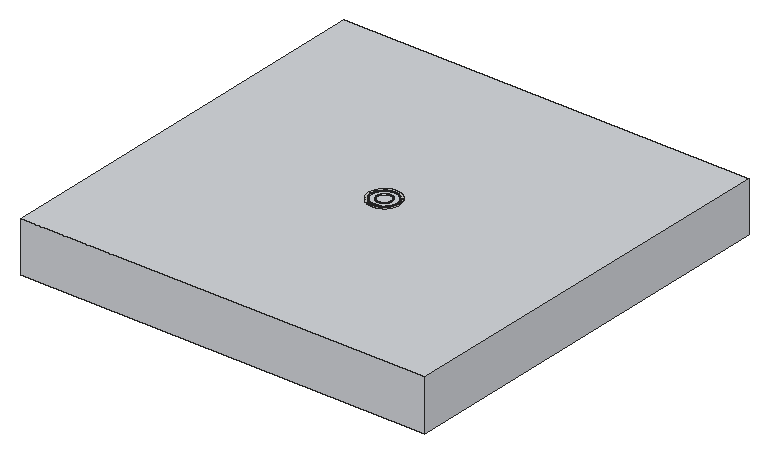
Revit family "LAMP_HANCE DOWNLIGHT RECESSED SPOT 3000_4000 (DALI)", category Modelos genéricos, Revit 2015
Parameters (values of type "2656LM 4000K 3000 BLACK")
  Weight = 1.36 kg
  Aro 3000/4000 = yes
  Aro 1000/2000 = no
  Type = "COB PHILIPS"
  Tilting [instance] = if(Tilt < 0.00°, 180.00°, if(Tilt > 30.00°, 210.00°, Tilt + 180.00°))  # 180.00°
  Tilt [instance] = 0.00°
  Recessed diameter = 175 mm
  Protection rating = "IP20"
  Product datasheet = "http://www.lamp.es/product-files/TECH/HD1RE30SP840DBB-EN.pdf"
  Product code = "HD1RE30SP840DBB"
  Product URL = "https://www.lamp.es/en/family/hance-downlight_196363"
  Power Supply = "220-240V 50/60Hz"
  Power = 25 W
  Plum = 27.8 W
  Photometric web file = Cuerpo Hance BASE (tilting)_SP : 2656LM 4000K 3000 BLACK
  Modelo = Product code  # "HD1RE30SP840DBB"
  Model explanation = "Availability of tilting between 0º and 30º when placed in a project."
  Material interior aro = LAMP_Aluminio Hance Negro
  Material aro = LAMP_Aluminio Hance Negro
  Manufacturer name = "LAMP"
  Manufacturer country = "Spain"
  Manufacturer URL = "http://www.lamp.es/en"
  MacAdam = "3"
  Luminaire type = "Indoor - Recessed downlight"
  Last update = "22/11/2019"
  Lamp = "COB LED"
  LED Lifetime = "50.000 L80 B10"
  Insulation class = "II"
  Installation instructions = "https://www.lamp.es/product-files/INS/1004410-B-INSTR.%20DE%20MONTAJE%20HANCE%20DOWNLIGHT.pdf"
  Initial intensity = 2656 lm
  Initial color = 4000 K
  IEE = "A+"
  Gear = "Adjustable DALI"
  Finish = "Texturised black RAL 9011"
  Fabricante = Manufacturer name  # "LAMP"
  Default Elevation = 1219.2 mm
  Efficacy = 95.54 lm/W
  Radio aro exterior = 49 mm
  Diameter = 188 mm
  Descripción = "HANCE DOWN REC 3000 NW SP DALI BK."
  Decorative ring [instance] = Aro decorativo 3000_4000 (tilting) : Black
  Comentarios de tipo = Model explanation  # "Availability of tilting between 0º and 30º when placed in a project."
  CRI = "80"
  Altura modulos = 145 mm
Types (8, lengths in mm): name | Product datasheet | Product code | Power | Plum | Photometric web file | Modelo | Material aro | Initial intensity | Initial color | Finish | Efficacy | Descripción
  2656LM 4000K 3000 BLACK | "http://www.lamp.es/product-files/TECH/HD1RE30SP840DBB-EN.pdf" | "HD1RE30SP840DBB" | 25 W | 27.8 W | Cuerpo Hance BASE (tilting)_SP : 2656LM 4000K 3000 BLACK | "HD1RE30SP840DBB" | LAMP_Aluminio Hance Negro | 2656 lm | 4000 K | "Texturised black RAL 9011" | 95.54 lm/W | "HANCE DOWN REC 3000 NW SP DALI BK."
  2656LM 4000K 3000 WHITE | "http://www.lamp.es/product-files/TECH/HD1RE30SP840DBW-EN.pdf" | "HD1RE30SP840DBW" | 25 W | 27.8 W | Cuerpo Hance BASE (tilting)_SP : 2656LM 4000K 3000 WHITE | "HD1RE30SP840DBW" | LAMP_Aluminio Hance Blanco | 2656 lm | 4000 K | "Texturised white RAL 9010" | 95.54 lm/W | "HANCE DOWN REC 3000 NW SP DALI WH."
  2788LM 3000K 3000 BLACK | "http://www.lamp.es/product-files/TECH/HD1RE30SP830DBB-EN.pdf" | "HD1RE30SP830DBB" | 25 W | 28.2 W | Cuerpo Hance BASE (tilting)_SP : 2788LM 3000K 3000 BLACK | "HD1RE30SP830DBB" | LAMP_Aluminio Hance Negro | 2788 lm | 3000 K | "Texturised black RAL 9011" | 98.86 lm/W | "HANCE DOWN REC 3000 WW SP DALI BK."
  2788LM 3000K 3000 WHITE | "http://www.lamp.es/product-files/TECH/HD1RE30SP830DBW-EN.pdf" | "HD1RE30SP830DBW" | 25 W | 28.2 W | Cuerpo Hance BASE (tilting)_SP : 2788LM 3000K 3000 WHITE | "HD1RE30SP830DBW" | LAMP_Aluminio Hance Blanco | 2788 lm | 3000 K | "Texturised white RAL 9010" | 98.86 lm/W | "HANCE DOWN REC 3000 WW SP DALI WH."
  3518LM 4000K 4000 BLACK | "http://www.lamp.es/product-files/TECH/HD1RE40SP830DBB-EN.pdf" | "HD1RE40SP830DBB" | 34 W | 37.6 W | Cuerpo Hance BASE (tilting)_SP : 3518LM 4000K 4000 BLACK | "HD1RE40SP830DBB" | LAMP_Aluminio Hance Negro | 3518 lm | 3000 K | "Texturised black RAL 9011" | 93.55 lm/W | "HANCE DOWN REC 4000 WW SP DALI BK."
  3518LM 4000K 4000 WHITE | "http://www.lamp.es/product-files/TECH/HD1RE40SP830DBW-EN.pdf" | "HD1RE40SP830DBW" | 34 W | 37.6 W | Cuerpo Hance BASE (tilting)_SP : 3518LM 4000K 4000 WHITE | "HD1RE40SP830DBW" | LAMP_Aluminio Hance Blanco | 3518 lm | 3000 K | "Texturised white RAL 9010" | 93.55 lm/W | "HANCE DOWN REC 4000 WW SP DALI WH."
  3660LM 3000K 4000 BLACK | "http://www.lamp.es/product-files/TECH/HD1RE40SP840DBB-EN.pdf" | "HD1RE40SP840DBB" | 34 W | 37.6 W | Cuerpo Hance BASE (tilting)_SP : 3660LM 3000K 4000 BLACK | "HD1RE40SP840DBB" | LAMP_Aluminio Hance Negro | 3660 lm | 4000 K | "Texturised black RAL 9011" | 97.34 lm/W | "HANCE DOWN REC 4000 NW SP DALI BK."
  3660LM 3000K 4000 WHITE | "http://www.lamp.es/product-files/TECH/HD1RE40SP840DBW-EN.pdf" | "HD1RE40SP840DBW" | 34 W | 37.6 W | Cuerpo Hance BASE (tilting)_SP : 3660LM 3000K 4000 WHITE | "HD1RE40SP840DBW" | LAMP_Aluminio Hance Blanco | 3660 lm | 4000 K | "Texturised white RAL 9010" | 97.34 lm/W | "HANCE DOWN REC 4000 NW SP DALI WH."
Reference planes
  plane 1 "Centro (Frontal/Posterior)": y = 0
  plane 2: z = 0
  plane 3 "Centro (Izquierda/Derecha)": x = 0
Forms (mm)
  Extrusion 1, solid
    sketch origin (0, 0, 0) x (1, 0, 0) y (0, 1, 0)
      loop
        line (-1219.2, 1219.2) -> (-1219.2, -1219.2) -> (1219.2, -1219.2) -> (1219.2, 1219.2) -> (-1219.2, 1219.2)
    from 0 to -304.8
  Revolve 2, solid, material "LAMP_Aluminio Hance Negro" <- "Material aro"
    sketch origin (0, 0, 0) x (1, 0, 0) y (0, 0, 1)
      loop
        line (94, 0) -> (94, 1) -> (79.1, 1) -> (79.1, -38.896) -> (87.1, -38.896) -> (87.1, -37.896) -> (81.6, -37.896) -> (81.6, 0) -> (94, 0)
      axis (0, 1) -> (0, -38.896)
    angle from 0 to 360
  Revolve 3, solid, material "LAMP_Aluminio Hance Negro" <- "Material interior aro", visible <- "Aro 3000/4000"
    sketch origin (0, 0, 0) x (1, 0, 0) y (0, 0, 1)
      loop
        arc (74.724, -0.646) -> (74.448, -1.016) -> (74.348, -1.466) r 1.1
        arc (74.348, -1.466) -> (72.204, -17.889) -> (66.127, -33.297) r 67.535
        arc (66.127, -33.297) -> (65.772, -33.665) -> (65.28, -33.8) r 0.965
        line (65.28, -33.8) -> (0, -33.8) -> (0, -34.8) -> (65.28, -34.8)
        arc (65.28, -34.8) -> (65.772, -34.665) -> (66.127, -34.297) r 0.965
        arc (66.127, -34.297) -> (72.204, -18.889) -> (74.348, -2.466) r 67.535
        arc (74.348, -2.466) -> (74.448, -2.016) -> (74.724, -1.646) r 1.1
        arc (74.724, -1.646) -> (76.762, -0.425) -> (79.1, 0) r 6.641
        line (79.1, 0) -> (79.1, 1)
        arc (79.1, 1) -> (76.762, 0.575) -> (74.724, -0.646) r 6.641
      axis (0, 1) -> (0, -34.8)
    angle from 0 to 360
  Extrusion 4, void
    sketch origin (0, 0, 0) x (1, 0, 0) y (0, 1, 0)
      loop
        line (22.671, 46.054) -> (-22.668, 46.054)
        arc (-22.668, 46.054) -> (-69.098, -0.376) -> (-22.668, -46.807) r 46.43
        line (-22.668, -46.807) -> (22.671, -46.807)
        arc (22.671, -46.807) -> (69.102, -0.376) -> (22.671, 46.054) r 46.43
    from -196.113 to 250
Cuts and joins
  Extrusion 4 cuts Revolve 3
Text (mm)
  text "Any modification of the parameters and properties of the LAMP BIM models must be executed and validated by the LAMP technical department.\n\nPhone: +34 93 736 68 00\n\nE-mail: lamp@lamp.es\n\n\n\nLAMP reserves the right to modify the technical specifications of its products." at (39771.841, -40794.867, 40621.237), in view "Preview"
Dimensions and locks
  "Radio aro exterior": Revolve 2 sketch curve to nested 1
  aligned and locked: plane 2 to Extrusion 1
  aligned and locked: level to Extrusion 1
Automatic sketch dimensions
  Extrusion 1 sketch curve to Extrusion 1 sketch curve = 2438.4 mm  (x2)
  Revolve 3 sketch curve to plane 3 "Centro (Izquierda/Derecha)" = 0 mm
  Revolve 3 sketch curve to level = 0 mm
  Revolve 3 sketch curve to level = 1 mm
  plane 3 "Centro (Izquierda/Derecha)" to Revolve 3 sketch curve = 6.815 mm
  Revolve 3 sketch curve to Revolve 3 sketch curve = 0 mm  (x7)
  plane 3 "Centro (Izquierda/Derecha)" to Revolve 3 sketch curve = 65.28 mm
  Revolve 3 sketch curve to level = 1.474 mm
  Revolve 3 sketch curve to Revolve 3 sketch curve = 10.169 mm
  level to Revolve 3 sketch curve = 1 mm
  Revolve 3 sketch curve to Revolve 3 sketch curve = 3.651 mm
  Revolve 3 sketch curve to Revolve 3 sketch curve = 1 mm  (x4)
  Revolve 3 sketch curve to Revolve 3 sketch curve = 3.167 mm
  Revolve 3 sketch curve to Revolve 3 sketch curve = 26.195 mm
  Revolve 3 sketch curve to Revolve 3 sketch curve = 0.965 mm
  Revolve 3 sketch curve to Revolve 3 sketch curve = 0.035 mm
  plane 1 "Centro (Frontal/Posterior)" to Extrusion 4 sketch curve = 0.376 mm
  Extrusion 4 sketch curve to plane 3 "Centro (Izquierda/Derecha)" = 22.668 mm
  plane 3 "Centro (Izquierda/Derecha)" to Extrusion 4 sketch curve = 22.671 mm
  Extrusion 4 sketch curve to Extrusion 4 sketch curve = 46.43 mm
  Revolve 2 sketch curve to plane 3 "Centro (Izquierda/Derecha)" = 0 mm
  Revolve 2 sketch curve to level = 0 mm
  level to Revolve 2 sketch curve = 1 mm
  Revolve 2 sketch curve to Revolve 2 sketch curve = 14.9 mm
  Revolve 2 sketch curve to Revolve 2 sketch curve = 2.5 mm
  Revolve 2 sketch curve to Revolve 2 sketch curve = 5.5 mm
  Revolve 2 sketch curve to Revolve 2 sketch curve = 37.896 mm
  Revolve 2 sketch curve to Revolve 2 sketch curve = 1 mm
  Revolve 2 sketch curve to Revolve 2 sketch curve = 539.6 mm
  level to Revolve 2 sketch curve = 2609.058 mm
Nested families
  nested 1: "Cuerpo Hance BASE (tilting)_SP" at (45, 1.967, -44), type <- "Photometric web file", type "2656LM 4000K 3000 BLACK"
    with Tilting 180.00°
  nested 2: "Aro decorativo 3000_4000 (tilting)" at (0, 0, -68.882) x (1, 0, 0) z (0, 0, -1), type <- "Decorative ring", type "Black"
    with Tilting 180.00°
Connectors
  electrical at (-24.807, 0, -143)
    settings: on nested 1, index 1, voltage 230 V, apparent load 0 VA, apparent load phase1 0 VA, apparent load phase2 0 VA, apparent load phase3 0 VA, power factor 1, load classification "Otro", number of poles 1, system type 31, power factor state 1, is connector primary yes, connector utility no, sub classification motor no, connector description ""
Definition of nested family "Cuerpo Hance BASE (tilting)_SP"
  Parameters (values of type "710LM 4000K 1000 BLACK")
    Tilting = 90.00°
    Photometric web file = Cuerpo Hance BASE_SP : 710LM 4000K 1000 BLACK
    Longitud cuerpo = 100 mm
    Default Elevation = 1219.2 mm
  Types (17, lengths in mm): name | Photometric web file | Longitud cuerpo
    (no name) | Cuerpo Hance BASE_SP : 710LM 4000K 1000 BLACK | 100
    710LM 4000K 1000 BLACK | Cuerpo Hance BASE_SP : 710LM 4000K 1000 BLACK | 100
    710LM 4000K 1000 WHITE | Cuerpo Hance BASE_SP : 710LM 4000K 1000 WHITE | 100
    773LM 3000K 1000 BLACK | Cuerpo Hance BASE_SP : 773LM 3000K 1000 BLACK | 100
    773LM 3000K 1000 WHITE | Cuerpo Hance BASE_SP : 773LM 3000K 1000 WHITE | 100
    1644LM 4000K 2000 BLACK | Cuerpo Hance BASE_SP : 1644LM 4000K 2000 BLACK | 100
    1644LM 4000K 2000 WHITE | Cuerpo Hance BASE_SP : 1644LM 4000K 2000 WHITE | 100
    1707LM 3000K 2000 BLACK | Cuerpo Hance BASE_SP : 1707LM 3000K 2000 BLACK | 100
    1707LM 3000K 2000 WHITE | Cuerpo Hance BASE_SP : 1707LM 3000K 2000 WHITE | 100
    2656LM 4000K 3000 BLACK | Cuerpo Hance BASE_SP : 2656LM 4000K 3000 BLACK | 145
    2656LM 4000K 3000 WHITE | Cuerpo Hance BASE_SP : 2656LM 4000K 3000 WHITE | 145
    2788LM 3000K 3000 BLACK | Cuerpo Hance BASE_SP : 2788LM 3000K 3000 BLACK | 145
    2788LM 3000K 3000 WHITE | Cuerpo Hance BASE_SP : 2788LM 3000K 3000 WHITE | 145
    3518LM 4000K 4000 BLACK | Cuerpo Hance BASE_SP : 3518LM 4000K 4000 BLACK | 145
    3518LM 4000K 4000 WHITE | Cuerpo Hance BASE_SP : 3518LM 4000K 4000 WHITE | 145
    3660LM 3000K 4000 BLACK | Cuerpo Hance BASE_SP : 3660LM 3000K 4000 BLACK | 145
    3660LM 3000K 4000 WHITE | Cuerpo Hance BASE_SP : 3660LM 3000K 4000 WHITE | 145
  Reference planes
    plane 1 "Centro (Frontal/Posterior)": y = 0
    plane 2: z = 0
    plane 3 "Centro (Izquierda/Derecha)": x = 0
  Lines and regions (mm)
    reference lines
      curve 1: line (0, 0, 0) -> (200, 0, 0)
  Dimensions and locks
    "Tilting": angle plane 3 "Centro (Izquierda/Derecha)" to curve 1
    aligned and locked: level to plane 2
    aligned and locked: plane 3 "Centro (Izquierda/Derecha)" to curve 1
    aligned and locked: plane 2 to curve 1
    aligned and locked: plane 3 "Centro (Izquierda/Derecha)" to nested 1
  Nested families
    nested 1: "Cuerpo Hance BASE_SP" at (-58, -1.967, 27.875), type <- "Photometric web file", type "710LM 4000K 1000 BLACK"
  Definition of nested family "Cuerpo Hance BASE_SP"
    Parameters (values of type "710LM 4000K 1000 BLACK")
      Tilt Angle = 90.00° + Tilting  # 180.00°
      Wattage = 7.6 W
      Tilting = 90.00°
      built-in parameter 1150107 = 4000 (stored number, unit not read)
      Radio vacio posterior = Radio cuerpo - 2.2 mm  # 30.3 mm
      Radio vaciado = Radio cuerpo - 1.5 mm  # 31 mm
      Radio cuerpo = if(Longitud cuerpo = 145 mm, 45 mm, 32.5 mm)  # 32.5 mm
      built-in parameter 1150110 = 1 (stored number, unit not read)
      built-in parameter 1150109 = 1 (stored number, unit not read)
      built-in parameter 1150112 = 1 (stored number, unit not read)
      built-in parameter 1150113 = 1 (stored number, unit not read)
      built-in parameter 1114218 = 1 (stored number, unit not read)
      built-in parameter 1150137 = (empty or 0)
      built-in parameter 1150132 = 2
      Material reflector = none
      Material cuerpo = none
      Material COB = none
      Longitud cuerpo = 100 mm
      Long. origen luz = if(Longitud cuerpo = 100 mm, 20 mm, if(Longitud cuerpo = 170 mm, 55 mm, 90 mm))  # 20 mm
      L_3 = if(Ancho disipador posterior = 80.4 mm, 39.6 mm, 12 mm)  # 12 mm
      L_2 = if(Ancho disipador posterior = 80.4 mm, 36.3 mm, 22.6 mm)  # 22.6 mm
      L_1 = if(Ancho disipador posterior = 80.4 mm, 36.8 mm, 25.4 mm)  # 25.4 mm
      built-in parameter 1150105 = 56.487 (stored number, unit not read)
      built-in parameter 1150102 = (empty or 0)
      built-in parameter 1150106 = 0.56487 (stored number, unit not read)
      Lumens = 709.84 lm
      Color Filter = 16777215
      built-in parameter 1114217 = 1 (stored number, unit not read)
      built-in parameter 1150139 = (empty or 0)
      Default Elevation = 1219.2 mm
      built-in parameter 1150104 = 8.6771 (stored number, unit not read)
      Diametro aro = if(Radio cuerpo = 45 mm, 42.9 mm, 30.4 mm)  # 30.4 mm
      built-in parameter 1150115 = 1 (stored number, unit not read)
      built-in parameter 1150114 = 1 (stored number, unit not read)
      built-in parameter 1150138 = (empty or 0)
      built-in parameter 1150134 = 12
      Dimming Lamp Color Temperature Shift = (empty or 0)
      Photometric Web File = "HD1RE10SP840NBB.IES"
      Ancho vaciado reflector = if(Radio cuerpo = 45 mm, 34.4 mm, 21.9 mm)  # 21.9 mm
      Ancho reflector = if(Radio cuerpo = 45 mm, 35.4 mm, 22.9 mm)  # 22.9 mm
      Ancho disipador posterior = if(Radio cuerpo = 32.5 mm, 53 mm, 80.4 mm)  # 53 mm
      built-in parameter 1150133 = 10 (stored number, unit not read)
      Altura disipador superior = if(Radio cuerpo = 45 mm, 23.9 mm, 36.9 mm)  # 36.9 mm
      Ancho disipador superior = if(Radio cuerpo = 45 mm, 28 mm, 22.6 mm)  # 22.6 mm
    Types (16, lengths in mm): name | Wattage | built-in parameter 1150107 | Radio vacio posterior | Radio vaciado | Radio cuerpo | Longitud cuerpo | Long. origen luz | L_3 | L_2 | L_1 | built-in parameter 1150105 | built-in parameter 1150106 | Lumens | built-in parameter 1150104 | Diametro aro | built-in parameter 1150134 | Photometric Web File | Ancho vaciado reflector | Ancho reflector | Ancho disipador posterior | Altura disipador superior | Ancho disipador superior
      710LM 4000K 1000 BLACK | 7.6 W | 4000 (stored number, unit not read) | 30.3 | 31 | 32.5 | 100 | 20 | 12 | 22.6 | 25.4 | 56.487 (stored number, unit not read) | 0.56487 (stored number, unit not read) | 709.84 lm | 8.6771 (stored number, unit not read) | 30.4 | 12 | "HD1RE10SP840NBB.IES" | 21.9 | 22.9 | 53 | 36.9 | 22.6
      710LM 4000K 1000 WHITE | 7.6 W | 4000 (stored number, unit not read) | 30.3 | 31 | 32.5 | 100 | 20 | 12 | 22.6 | 25.4 | 4052.9 (stored number, unit not read) | 40.529 (stored number, unit not read) | 709.84 lm | 8.6771 (stored number, unit not read) | 30.4 | 12 | "HD1RE10SP840NBW.IES" | 21.9 | 22.9 | 53 | 36.9 | 22.6
      773LM 3000K 1000 BLACK | 7.7 W | 3000 (stored number, unit not read) | 30.3 | 31 | 32.5 | 100 | 20 | 12 | 22.6 | 25.4 | 4414.8 (stored number, unit not read) | 44.148 (stored number, unit not read) | 773.234 lm | 9.3293 (stored number, unit not read) | 30.4 | (empty or 0) | "HD1RE10SP830NBB.IES" | 21.9 | 22.9 | 53 | 36.9 | 22.6
      773LM 3000K 1000 WHITE | 7.7 W | 3000 (stored number, unit not read) | 30.3 | 31 | 32.5 | 100 | 20 | 12 | 22.6 | 25.4 | 4414.8 (stored number, unit not read) | 44.148 (stored number, unit not read) | 773.234 lm | 9.3293 (stored number, unit not read) | 30.4 | (empty or 0) | "HD1RE10SP830NBW.IES" | 21.9 | 22.9 | 53 | 36.9 | 22.6
      1644LM 4000K 2000 BLACK | 20.6 W | 4000 (stored number, unit not read) | 30.3 | 31 | 32.5 | 100 | 20 | 12 | 22.6 | 25.4 | 9386.9 (stored number, unit not read) | 93.869 (stored number, unit not read) | 1644.09 lm | 7.4146 (stored number, unit not read) | 30.4 | 12 | "HD1RE20SP840NBB.IES" | 21.9 | 22.9 | 53 | 36.9 | 22.6
      1644LM 4000K 2000 WHITE | 20.6 W | 4000 (stored number, unit not read) | 30.3 | 31 | 32.5 | 100 | 20 | 12 | 22.6 | 25.4 | 9386.9 (stored number, unit not read) | 93.869 (stored number, unit not read) | 1644.09 lm | 7.4146 (stored number, unit not read) | 30.4 | 12 | "HD1RE20SP840NBW.IES" | 21.9 | 22.9 | 53 | 36.9 | 22.6
      1707LM 3000K 2000 BLACK | 20.7 W | 3000 (stored number, unit not read) | 30.3 | 31 | 32.5 | 100 | 20 | 12 | 22.6 | 25.4 | 9500.4 (stored number, unit not read) | 95.004 (stored number, unit not read) | 1706.92 lm | 7.6608 (stored number, unit not read) | 30.4 | (empty or 0) | "HD1RE20SP830NBB.IES" | 21.9 | 22.9 | 53 | 36.9 | 22.6
      1707LM 3000K 2000 WHITE | 20.7 W | 3000 (stored number, unit not read) | 30.3 | 31 | 32.5 | 100 | 20 | 12 | 22.6 | 25.4 | 9500.4 (stored number, unit not read) | 95.004 (stored number, unit not read) | 1706.92 lm | 7.6608 (stored number, unit not read) | 30.4 | (empty or 0) | "HD1RE20SP830NBW.IES" | 21.9 | 22.9 | 53 | 36.9 | 22.6
      2656LM 4000K 3000 BLACK | 27.8 W | 4000 (stored number, unit not read) | 42.8 | 43.5 | 45 | 145 | 90 | 39.6 | 36.3 | 36.8 | 21509.2 (stored number, unit not read) | 215.09 (stored number, unit not read) | 2656.01 lm | 8.876 (stored number, unit not read) | 42.9 | 12 | "HD1RE30SP840NBB.IES" | 34.4 | 35.4 | 80.4 | 23.9 | 28
      2656LM 4000K 3000 WHITE | 27.8 W | 4000 (stored number, unit not read) | 42.8 | 43.5 | 45 | 145 | 90 | 39.6 | 36.3 | 36.8 | 21509.2 (stored number, unit not read) | 215.09 (stored number, unit not read) | 2656.01 lm | 8.876 (stored number, unit not read) | 42.9 | 12 | "HD1RE30SP840NBW.IES" | 34.4 | 35.4 | 80.4 | 23.9 | 28
      2788LM 3000K 3000 BLACK | 28.2 W | 3000 (stored number, unit not read) | 42.8 | 43.5 | 45 | 145 | 90 | 39.6 | 36.3 | 36.8 | 22576.9 (stored number, unit not read) | 225.77 (stored number, unit not read) | 2787.85 lm | 9.1844 (stored number, unit not read) | 42.9 | (empty or 0) | "HD1RE30SP830NBB.IES" | 34.4 | 35.4 | 80.4 | 23.9 | 28
      2788LM 3000K 3000 WHITE | 28.2 W | 3000 (stored number, unit not read) | 42.8 | 43.5 | 45 | 145 | 90 | 39.6 | 36.3 | 36.8 | 22576.9 (stored number, unit not read) | 225.77 (stored number, unit not read) | 2787.85 lm | 9.1844 (stored number, unit not read) | 42.9 | (empty or 0) | "HD1RE30SP830NBW.IES" | 34.4 | 35.4 | 80.4 | 23.9 | 28
      3518LM 4000K 4000 BLACK | 37.6 W | 4000 (stored number, unit not read) | 42.8 | 43.5 | 45 | 145 | 90 | 39.6 | 36.3 | 36.8 | 28485.6 (stored number, unit not read) | 284.86 (stored number, unit not read) | 3517.48 lm | 8.6911 (stored number, unit not read) | 42.9 | 12 | "HD1RE40SP830NBB.IES" | 34.4 | 35.4 | 80.4 | 23.9 | 28
      3518LM 4000K 4000 WHITE | 37.6 W | 4000 (stored number, unit not read) | 42.8 | 43.5 | 45 | 145 | 90 | 39.6 | 36.3 | 36.8 | 28485.6 (stored number, unit not read) | 284.86 (stored number, unit not read) | 3517.48 lm | 8.6911 (stored number, unit not read) | 42.9 | 12 | "HD1RE40SP830NBW.IES" | 34.4 | 35.4 | 80.4 | 23.9 | 28
      3660LM 3000K 4000 BLACK | 37.6 W | 3000 (stored number, unit not read) | 42.8 | 43.5 | 45 | 145 | 90 | 39.6 | 36.3 | 36.8 | 24069.5 (stored number, unit not read) | 240.7 (stored number, unit not read) | 3659.98 lm | 9.0432 (stored number, unit not read) | 42.9 | (empty or 0) | "HD1RE40SP840NBB.IES" | 34.4 | 35.4 | 80.4 | 23.9 | 28
      3660LM 3000K 4000 WHITE | 37.6 W | 3000 (stored number, unit not read) | 42.8 | 43.5 | 45 | 145 | 90 | 39.6 | 36.3 | 36.8 | 24069.5 (stored number, unit not read) | 240.7 (stored number, unit not read) | 3659.98 lm | 9.0432 (stored number, unit not read) | 42.9 | (empty or 0) | "HD1RE40SP840NBW.IES" | 34.4 | 35.4 | 80.4 | 23.9 | 28
    Reference planes
      plane 1 "Centro (Frontal/Posterior)": y = 0
      plane 2: z = 0
      plane 3 "Centro (Izquierda/Derecha)": x = 0
    Forms (mm)
      Extrusion 1, solid, material <- "Material cuerpo"
        sketch origin (0, 0, 0) x (0, -1, 0) y (0, 0, 1)
          loop
            circle (0, -27.875) r 32.5
        from -58 to 42
      Extrusion 2, void
        sketch origin (0, 0, 0) x (0, 1, 0) y (0, 0, 1)
          loop
            line (11.3, 30) -> (-11.3, 30) -> (-11.3, -6.9)
            arc (-11.3, -6.9) -> (0, -7.855) -> (11.3, -6.9) r 67.349
            line (11.3, -6.9) -> (11.3, 30)
        from -42 to 9.4
      Extrusion 3, void
        sketch origin (0, 0, 0) x (0, 1, 0) y (0, 0, 1)
          loop
            circle (0, -27.875) r 30.3
        from -42 to -41
      Extrusion 4, void
        sketch origin (0, 0, 0) x (0, 1, 0) y (0, 0, 1)
          loop
            line (26.5, -26.291) -> (-26.5, -26.291)
            arc (-26.5, -26.291) -> (-27.7, -27.491) -> (-26.5, -28.691) r 1.2
            line (-26.5, -28.691) -> (26.5, -28.691)
            arc (26.5, -28.691) -> (27.7, -27.491) -> (26.5, -26.291) r 1.2
          loop
            line (26.115, -30.891) -> (-26.115, -30.891)
            arc (-26.115, -30.891) -> (-27.315, -32.091) -> (-26.115, -33.291) r 1.2
            line (-26.115, -33.291) -> (26.115, -33.291)
            arc (26.115, -33.291) -> (27.315, -32.091) -> (26.115, -30.891) r 1.2
          loop
            line (25.4, -35.55) -> (-24.915, -35.55)
            arc (-24.915, -35.55) -> (-26.115, -36.75) -> (-24.915, -37.95) r 1.2
            line (-24.915, -37.95) -> (25.4, -37.95)
            arc (25.4, -37.95) -> (26.6, -36.75) -> (25.4, -35.55) r 1.2
          loop
            line (22.6, -40.091) -> (-22.64, -40.091)
            arc (-22.64, -40.091) -> (-23.84, -41.291) -> (-22.64, -42.491) r 1.2
            line (-22.64, -42.491) -> (22.6, -42.491)
            arc (22.6, -42.491) -> (23.8, -41.291) -> (22.6, -40.091) r 1.2
          loop
            line (19.043, -44.691) -> (-19.086, -44.691)
            arc (-19.086, -44.691) -> (-20.286, -45.891) -> (-19.086, -47.091) r 1.2
            line (-19.086, -47.091) -> (19.043, -47.091)
            arc (19.043, -47.091) -> (20.243, -45.891) -> (19.043, -44.691) r 1.2
          loop
            line (15.357, -49.291) -> (-15.5, -49.291)
            arc (-15.5, -49.291) -> (-16.6, -50.391) -> (-15.5, -51.491) r 1.1
            line (-15.5, -51.491) -> (15.357, -51.491)
            arc (15.357, -51.491) -> (16.457, -50.391) -> (15.357, -49.291) r 1.1
          loop
            line (6, -53.691) -> (-6, -53.691)
            arc (-6, -53.691) -> (-7.1, -54.791) -> (-6, -55.891) r 1.1
            line (-6, -55.891) -> (6, -55.891)
            arc (6, -55.891) -> (7.1, -54.791) -> (6, -53.691) r 1.1
        from -42 to -38.7
      Extrusion 5, void
        sketch origin (0, 0, 0) x (-1, 0, 0) y (0, -1, 0)
          loop
            line (37.7, -9.12) -> (37.7, 9.12)
            arc (37.7, 9.12) -> (36.6, 10.22) -> (35.5, 9.12) r 1.1
            line (35.5, 9.12) -> (35.5, -9.12)
            arc (35.5, -9.12) -> (36.6, -10.22) -> (37.7, -9.12) r 1.1
          loop
            line (28.9, -9.12) -> (28.9, 9.12)
            arc (28.9, 9.12) -> (27.8, 10.22) -> (26.7, 9.12) r 1.1
            line (26.7, 9.12) -> (26.7, -9.12)
            arc (26.7, -9.12) -> (27.8, -10.22) -> (28.9, -9.12) r 1.1
          loop
            line (20.1, -9.12) -> (20.1, 9.12)
            arc (20.1, 9.12) -> (19, 10.22) -> (17.9, 9.12) r 1.1
            line (17.9, 9.12) -> (17.9, -9.12)
            arc (17.9, -9.12) -> (19, -10.22) -> (20.1, -9.12) r 1.1
        from -51.491 to 30
      Extrusion 6, void
        sketch origin (0, 0, 0) x (-1, 0, 0) y (0, -1, 0)
          loop
            line (33.3, -9.12) -> (33.3, 9.12)
            arc (33.3, 9.12) -> (32.2, 10.22) -> (31.1, 9.12) r 1.1
            line (31.1, 9.12) -> (31.1, -9.12)
            arc (31.1, -9.12) -> (32.2, -10.22) -> (33.3, -9.12) r 1.1
          loop
            line (24.5, -9.12) -> (24.5, 9.12)
            arc (24.5, 9.12) -> (23.4, 10.22) -> (22.3, 9.12) r 1.1
            line (22.3, 9.12) -> (22.3, -9.12)
            arc (22.3, -9.12) -> (23.4, -10.22) -> (24.5, -9.12) r 1.1
        from -8.232 to 30
      Extrusion 7, void
        sketch origin (0, 0, 0) x (0, 1, 0) y (0, 0, 1)
          loop
            circle (0, -27.875) r 31
        from 17.213 to 58
      Revolve 8, solid, material <- "Material reflector"
        sketch origin (0, 0, 0) x (1, 0, 0) y (0, 0, 1)
          loop
            line (25.5, -27.875) -> (45.818, -27.875) -> (45.818, -4.975) -> (25.5, -19.875) -> (25.5, -27.875)
          axis (25.5, -27.875) -> (45.818, -27.875)
        angle from 0 to 360
      Revolve 9, void
        sketch origin (0, 0, 0) x (1, 0, 0) y (0, 0, 1)
          loop
            line (45.818, -5.975) -> (26.5, -20.142) -> (25.5, -20.142) -> (25.5, -27.875) -> (26.5, -27.875) -> (45.818, -27.875) -> (45.818, -5.975)
          axis (45.818, -27.875) -> (25.5, -27.875)
        angle from 0 to 360
      Extrusion 10, solid, material <- "Material COB"
        sketch origin (0, 0, 0) x (0, -1, 0) y (0, 0, 1)
          loop
            circle (0, -27.875) r 7.733
        from -26.5 to -25.5
    Cuts and joins
      Extrusion 2, Extrusion 3, Extrusion 4, Extrusion 5, Extrusion 6, Extrusion 7 cuts Extrusion 1
      Revolve 9 cuts Revolve 8
    Lines and regions (mm)
      reference lines
        curve 1: line (0, 0, 0) -> (178.042, 0, 0)
        curve 2: line (93, 0, -27.875) -> (113, 0, -27.875)
        curve 3: line (0, 0, 0) -> (0, 0, -75)
        curve 4: line (93, 0, -22.875) -> (93, 0, -32.875)
    Text (mm)
      text "Any modification of the parameters and properties of the LAMP BIM models must be executed and validated by the LAMP technical department.\n\nPhone: +34 93 736 68 00\n\nE-mail: lamp@lamp.es\n\n\n\nLAMP reserves the right to modify the technical specifications of its products." at (97482.136, -81600.41, 57308.082), in view "Preview"
    Dimensions and locks
      locked: Revolve 9 sketch curve to cut or joined group of Extrusion 1, Extrusion 2, Extrusion 3, Extrusion 4, Extrusion 5, Extrusion 6, Extrusion 7 at 12.182
      "Longitud cuerpo": cut or joined group of Extrusion 1, Extrusion 2, Extrusion 3, Extrusion 4, Extrusion 5, Extrusion 6, Extrusion 7 to cut or joined group of Extrusion 1, Extrusion 2, Extrusion 3, Extrusion 4, Extrusion 5, Extrusion 6, Extrusion 7
      locked: cut or joined group of Extrusion 1, Extrusion 2, Extrusion 3, Extrusion 4, Extrusion 5, Extrusion 6, Extrusion 7 to curve 3 at 42
      locked: cut or joined group of Revolve 8, Revolve 9 to cut or joined group of Extrusion 1, Extrusion 2, Extrusion 3, Extrusion 4, Extrusion 5, Extrusion 6, Extrusion 7 at 12.182
      locked: cut or joined group of Revolve 8, Revolve 9 to cut or joined group of Revolve 8, Revolve 9 at 20.318
      locked: cut or joined group of Extrusion 1, Extrusion 2, Extrusion 3, Extrusion 4, Extrusion 5, Extrusion 6, Extrusion 7 to Extrusion 10 at 31.5
      locked: Extrusion 10 to Extrusion 10 at 1
      "Long. origen luz": curve 4 to curve 2
      equal spacing: Extrusion 4 sketch curve, plane 1 "Centro (Frontal/Posterior)", Extrusion 4 sketch curve  (x2)
      "Ancho disipador posterior": Extrusion 4 sketch curve to Extrusion 4 sketch curve
      "L_1": Extrusion 4 sketch curve to plane 1 "Centro (Frontal/Posterior)"
      "L_2": Extrusion 4 sketch curve to curve 3
      "L_3": Extrusion 4 sketch curve to Extrusion 4 sketch curve
      equal spacing: Extrusion 2 sketch curve, plane 1 "Centro (Frontal/Posterior)", Extrusion 2 sketch curve
      "Ancho disipador superior": Extrusion 2 sketch curve to Extrusion 2 sketch curve
      "Altura disipador superior": Extrusion 2 sketch curve to Extrusion 2 sketch curve
      locked: plane 2 to Extrusion 2 sketch curve at 30
      "Ancho reflector": Revolve 8 sketch curve to imposter light
      "Ancho vaciado reflector": Revolve 9 sketch curve to imposter light
      "Radio cuerpo": radius of Extrusion 1 sketch curve
      "Radio vaciado": radius of Extrusion 7 sketch curve
      "Radio vacio posterior": radius of Extrusion 3 sketch curve
      "Tilting": angle plane 3 "Centro (Izquierda/Derecha)" to curve 1
      aligned and locked: level to plane 2
      aligned and locked: imposter light to curve 2  (x2)
      aligned and locked: cut or joined group of Extrusion 1, Extrusion 2, Extrusion 3, Extrusion 4, Extrusion 5, Extrusion 6, Extrusion 7 to cut or joined group of Extrusion 1, Extrusion 2, Extrusion 3, Extrusion 4, Extrusion 5, Extrusion 6, Extrusion 7
    Automatic sketch dimensions
      curve 1 to Extrusion 5 sketch curve = 17.9 mm
      Extrusion 5 sketch curve to Extrusion 5 sketch curve = 1.1 mm  (x3)
      Extrusion 5 sketch curve to Extrusion 5 sketch curve = 6.6 mm  (x2)
      Extrusion 5 sketch curve to curve 1 = 9.12 mm  (x2)
      Extrusion 5 sketch curve to Extrusion 5 sketch curve = 0 mm  (x3)
      curve 1 to Extrusion 5 sketch curve = 9.12 mm
      curve 1 to Extrusion 6 sketch curve = 22.3 mm
      Extrusion 6 sketch curve to Extrusion 6 sketch curve = 1.1 mm  (x2)
      Extrusion 6 sketch curve to Extrusion 6 sketch curve = 6.6 mm
      Extrusion 6 sketch curve to curve 1 = 9.12 mm
      Extrusion 6 sketch curve to Extrusion 6 sketch curve = 0 mm  (x2)
      curve 1 to Extrusion 6 sketch curve = 9.12 mm
      Extrusion 10 sketch curve to plane 1 "Centro (Frontal/Posterior)" = 0 mm
      Extrusion 1 sketch curve to plane 1 "Centro (Frontal/Posterior)" = 0 mm
      Extrusion 1 sketch curve to level = 27.875 mm
      Extrusion 2 sketch curve to plane 1 "Centro (Frontal/Posterior)" = 0 mm
      Extrusion 2 sketch curve to Extrusion 2 sketch curve = 29.494 mm
      Extrusion 3 sketch curve to plane 1 "Centro (Frontal/Posterior)" = 0 mm
      Extrusion 3 sketch curve to level = 27.875 mm
      Extrusion 4 sketch curve to Extrusion 4 sketch curve = 0.385 mm  (x2)
      Extrusion 4 sketch curve to Extrusion 4 sketch curve = 1.2 mm  (x6)
      Extrusion 4 sketch curve to Extrusion 4 sketch curve = 2.276 mm
      Extrusion 4 sketch curve to Extrusion 4 sketch curve = 3.554 mm
      Extrusion 4 sketch curve to Extrusion 4 sketch curve = 3.586 mm
      Extrusion 4 sketch curve to Extrusion 4 sketch curve = 9.357 mm
      Extrusion 4 sketch curve to Extrusion 4 sketch curve = 3.557 mm
      Extrusion 4 sketch curve to level = 55.891 mm
      Extrusion 4 sketch curve to Extrusion 4 sketch curve = 1.1 mm  (x2)
      Extrusion 4 sketch curve to Extrusion 4 sketch curve = 2.2 mm  (x4)
      Extrusion 4 sketch curve to Extrusion 4 sketch curve = 2.141 mm
      Extrusion 4 sketch curve to Extrusion 4 sketch curve = 2.259 mm
      Extrusion 7 sketch curve to plane 1 "Centro (Frontal/Posterior)" = 0 mm
      Extrusion 7 sketch curve to level = 27.875 mm
      curve 1 to Revolve 8 sketch curve = 25.5 mm
      Revolve 8 sketch curve to Revolve 8 sketch curve = 20.318 mm
      curve 1 to Revolve 8 sketch curve = 19.875 mm
      Revolve 8 sketch curve to Revolve 8 sketch curve = 8 mm
      Revolve 8 sketch curve to Revolve 8 sketch curve = 0 mm  (x2)
      Revolve 8 sketch curve to Revolve 8 sketch curve = 9.682 mm
      Revolve 9 sketch curve to Revolve 9 sketch curve = 19.318 mm
      Revolve 9 sketch curve to Revolve 9 sketch curve = 0 mm  (x3)
      Revolve 9 sketch curve to Revolve 9 sketch curve = 1 mm
      curve 1 to Revolve 9 sketch curve = 20.142 mm
      Revolve 9 sketch curve to Revolve 9 sketch curve = 7.733 mm
      Revolve 9 sketch curve to Revolve 9 sketch curve = 9.682 mm
      curve 1 to level = 0 mm
      curve 1 to plane 3 "Centro (Izquierda/Derecha)" = 0 mm
      curve 3 to curve 1 = 0 mm  (x2)
      curve 3 to curve 1 = 75 mm
      curve 1 to curve 4 = 32.875 mm
      curve 4 to curve 1 = 85.042 mm
      curve 4 to curve 2 = 5 mm
      curve 2 to curve 4 = 5 mm
      radius of Extrusion 10 sketch curve = 7.733 mm
Definition of nested family "Aro decorativo 3000_4000 (tilting)"
  Parameters (values of type "Black")
    Weight (3000/4000) = 0.016 kg
    Weight (1000/2000) = 0.01 kg
    Tilting = 0.00°
    Product datasheet = ""
    Product code (3000/4000) = "HSRI90C"
    Product code (1000/2000) = "HSRI65C"
    Product URL = ""
    Model = ""
    Material aro = none
    Manufacturer name = "LAMP"
    Manufacturer country = "Spain"
    Manufacturer URL = "http://www.lamp.es/en"
    Longitud = 42.5 mm
    Last update = "21/05/2018"
    Installation instructions = ""
    Finish = "Metalized matt copper"
    Manufacturer = Manufacturer name  # "LAMP"
    Default Elevation = 1219.2 mm
    Diameter (3000/4000) = 90 mm
    Diameter (1000/2000) = 65 mm
    Description = ""
    Accessory Type = "Optic"
    3000/4000 Model = "HSRI90C"
    3000/4000 Description = "HANCE 3000/4000 ACC. RING DECO CO."
    1000/2000 Model = "HSRI65C"
    1000/2000 Description = "HANCE 1000/2000 ACC. RING DECO CO."
  Types (5, lengths in mm): name | Product code (3000/4000) | Product code (1000/2000) | Finish | 3000/4000 Model | 3000/4000 Description | 1000/2000 Model | 1000/2000 Description
    (no name) | "HSRI90C" | "HSRI65C" | "Metalized matt copper" | "HSRI90C" | "HANCE 3000/4000 ACC. RING DECO CO." | "HSRI65C" | "HANCE 1000/2000 ACC. RING DECO CO."
    Black | "HSRI90C" | "HSRI65C" | "Metalized matt copper" | "HSRI90C" | "HANCE 3000/4000 ACC. RING DECO CO." | "HSRI65C" | "HANCE 1000/2000 ACC. RING DECO CO."
    Copper | "HSRI90C" | "HSRI65C" | "Metalized matt copper" | "HSRI90C" | "HANCE 3000/4000 ACC. RING DECO CO." | "HSRI65C" | "HANCE 1000/2000 ACC. RING DECO CO."
    Grey | "HSRI90M" | "HSRI65M" | "Metalized matt silver" | "HSRI90M" | "HANCE 3000/4000 ACC. RING DECO MET." | "HSRI65M" | "HANCE 1000/2000 ACC. RING DECO MET."
    White | "HSRI90W" | "HSRI65W" | "Matt White" | "HSRI90W" | "HANCE 3000/4000 ACC. RING DECO WH." | "HSRI65W" | "HANCE 1000/2000 ACC. RING DECO WH."
  Reference planes
    plane 1 "Centro (Frontal/Posterior)": y = 0
    plane 2: z = 0
    plane 3 "Centro (Izquierda/Derecha)": x = 0
  Lines and regions (mm)
    reference lines
      curve 1: line (0, 0, 0) -> (0, 0, 80.8)
    model lines
      curve 2: line (68.747, 0, 0) -> (69.9, 0, 0)
  Text (mm)
    text "Any modification of the parameters and properties of the LAMP BIM models must be executed and validated by the LAMP technical department.\n\nPhone: +34 93 736 68 00\n\nE-mail: lamp@lamp.es\n\n\n\nLAMP reserves the right to modify the technical specifications of its products." at (86527.204, -96597.187, 50741.736), in view "Preview"
  Dimensions and locks
    "Tilting": angle curve 1 to plane 3 "Centro (Izquierda/Derecha)"
    aligned and locked: level to plane 2
    aligned and locked: plane 3 "Centro (Izquierda/Derecha)" to curve 1
    aligned and locked: plane 2 to curve 1
  Automatic sketch dimensions
    curve 2 to level = 0 mm
    plane 3 "Centro (Izquierda/Derecha)" to curve 2 = 68.747 mm
    curve 2 to curve 2 = 1.153 mm
  Nested families
    nested 1: "Aro decorativo 3000_4000" at (-27.9, 0, 17.2) x (0, 0, 1) z (-1, 0, 0), type "Copper"
  Definition of nested family "Aro decorativo 3000_4000"
    Parameters (values of type "Black")
      Weight (3000/4000) = 0.016 kg
      Weight (1000/2000) = 0.01 kg
      Product datasheet = ""
      Product code (3000/4000) = "HSRI90C"
      Product code (1000/2000) = "HSRI65C"
      Product URL = ""
      Model = ""
      Material aro = none
      Manufacturer name = "LAMP"
      Manufacturer country = "Spain"
      Manufacturer URL = "http://www.lamp.es/en"
      Longitud = 42.5 mm
      Last update = "21/05/2018"
      Installation instructions = ""
      Finish = "Metalized matt copper"
      Manufacturer = Manufacturer name  # "LAMP"
      Default Elevation = 1219.2 mm
      Diametro vaciado aro interior = if(Diametro aro interior = 35.4 mm, 34.4 mm, 21.9 mm)  # 34.4 mm
      Diametro vaciado aro exterior = if(Diametro aro exterior = 42.9 mm, 41.9 mm, 29.4 mm)  # 41.9 mm
      Diametro aro interior = if(Diametro aro exterior = 42.9 mm, 35.4 mm, 22.9 mm)  # 35.4 mm
      Diametro aro exterior = if(Longitud = 42.5 mm, 42.9 mm, 30.4 mm)  # 42.9 mm
      Diameter (3000/4000) = 90 mm
      Diameter (1000/2000) = 65 mm
      Description = ""
      Accessory Type = "Optic"
      3000/4000 Model = "HSRI90C"
      3000/4000 Description = "HANCE 3000/4000 ACC. RING DECO CO."
      1000/2000 Description = "HANCE 1000/2000 ACC. RING DECO CO."
      1000/2000 Model = "HSRI65C"
    Types (4, lengths in mm): name | Manufacturer URL
      Black | "http://www.lamp.es/en"
      Copper | "http://www.lamp.es/en"
      Grey | "http://www.lamp.es/en"
      White | ""
    Reference planes
      plane 1 "Centro (Frontal/Posterior)": y = 0
      plane 2: z = 0
      plane 3 "Centro (Izquierda/Derecha)": x = 0
    Forms (mm)
      Revolve 1, solid, material <- "Material aro"
        sketch origin (0, 0, -27.9) x (1, 0, 0) y (0, 0, 1)
          loop
            line (42.5, 0) -> (52.682, 0) -> (52.682, 42.9) -> (42.5, 35.4) -> (42.5, 0)
          axis (52.682, 0) -> (42.5, 0)
        angle from 0 to 360
      Revolve 2, void
        sketch origin (0, 0, -27.9) x (1, 0, 0) y (0, 0, 1)
          loop
            line (52.682, 41.9) -> (42.5, 34.4) -> (42.5, 0) -> (52.682, 0) -> (52.682, 41.9)
          axis (42.5, 0) -> (52.682, 0)
        angle from 0 to 360
    Cuts and joins
      Revolve 2 cuts Revolve 1
    Lines and regions (mm)
      reference lines
        curve 1: line (0, 0, -27.9) -> (42.5, 0, -27.9)
    Text (mm)
      text "Any modification of the parameters and properties of the LAMP BIM models must be executed and validated by the LAMP technical department.\n\nPhone: +34 93 736 68 00\n\nE-mail: lamp@lamp.es\n\n\n\nLAMP reserves the right to modify the technical specifications of its products." at (91886.357, -93022.329, 47898.266), in view "Preview"
    Dimensions and locks
      "Diametro aro exterior": Revolve 1 sketch curve to Revolve 1 sketch curve
      "Diametro vaciado aro exterior": Revolve 2 sketch curve to Revolve 2 sketch curve
      "Longitud": curve 1 to plane 3 "Centro (Izquierda/Derecha)"
      "Diametro aro interior": Revolve 1 sketch curve to Revolve 1 sketch curve
      "Diametro vaciado aro interior": Revolve 2 sketch curve to Revolve 2 sketch curve
      aligned and locked: level to plane 2
    Automatic sketch dimensions
      Revolve 1 sketch curve to curve 1 = 0 mm  (x4)
      curve 1 to Revolve 1 sketch curve = 10.182 mm
      Revolve 1 sketch curve to Revolve 1 sketch curve = 0 mm
      Revolve 2 sketch curve to curve 1 = 0 mm  (x3)
      curve 1 to Revolve 2 sketch curve = 10.182 mm
      Revolve 2 sketch curve to curve 1 = 1261.008 mm
      Revolve 2 sketch curve to Revolve 2 sketch curve = 1898.983 mm
      curve 1 to plane 3 "Centro (Izquierda/Derecha)" = 0 mm
      curve 1 to level = 27.9 mm
